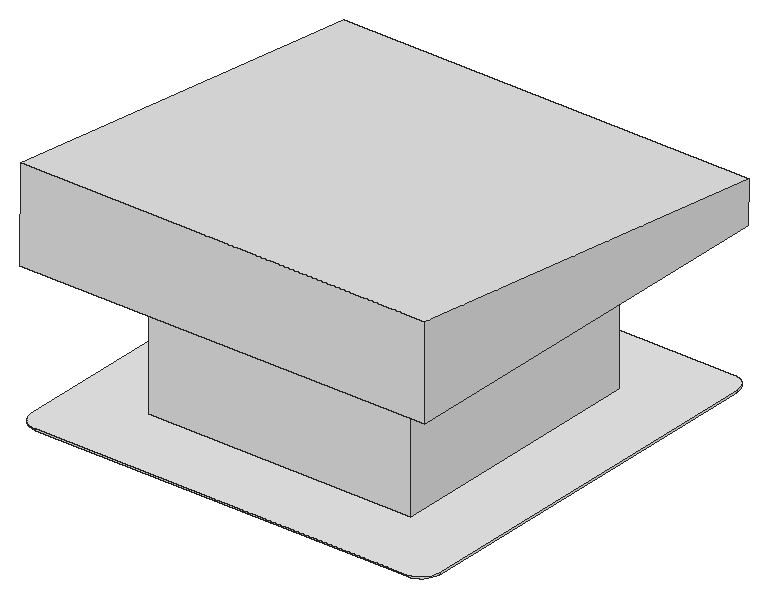
Revit family "Mechanical_Menzies-Metal_Built-Up-Roof-Flat-Top-Vent-TPO", category Mechanical Equipment, host Face, Revit 2018
Family settings
  Host = Face
  Round Connector Dimension = Use Diameter
  Part Type = Normal
  OmniClass Number = 23.70.50.21.24.11
  OmniClass Title = Roof Waste Water Drains
  Cut with Voids When Loaded = No
  Shared = No
  Room Calculation Point = No
Parameters (values of type "14 x 14")
  Width = 14"
  Weight = 10.95 lbf
  Waste Connection = no
  Vent Connection = no
  URL = "https://www.menzies-metal.com/tpo-products/bur-flat-top-vent-tpo/"
  Product data url = "https://www.bimobject.com/menzies-metal/product/built-up-roof-vent-tpo"
  Product Material = Metal - Menzies Metal Products - Aluminium TPO Coated
  Product Guid = "2799f1e7-5a87-41a4-ae29-f83a5cfc54c4"
  Model = "600-2142TPO"
  Manufacturer = "Menzies Metal Products"  # constant formula
  HW Connection = no
  Edition number = 1
  Drain Flow = 0 GPM
  Description = "Built Up Roof Flat Top Vent TPO"  # constant formula
  Depth = 14"
  Default Elevation = 48"
  CW Connection = no
  Assembly Code = "D2040200"
Reference planes (in)
  plane 1 "Center (Front/Back)": y = 0
  plane 2: z = 0
  plane 3 "Center (Left/Right)": x = 0
  plane 4: z = 0.05867
  plane 5: y = 7
  plane 6: y = -7
  plane 7: x = -7
  plane 8: x = 7
  plane 9: z = 0.09
  plane 10: z = 8.09
  plane 11: y = 10.91
  plane 12: y = -10.91
  plane 13: z = 12.7
  plane 14: x = 11
  plane 15: x = -11
  plane 16: x = -10.91579
  plane 17: x = 10.89
  plane 18: z = 7.69
  plane 19: y = 11
  plane 20: y = -11
  plane 21: z = 10
  plane 22: y = -10.91
  plane 23: y = 10.91
Forms (in)
  Extrusion 1, solid, material "Metal - Menzies Metal Products - Aluminium TPO Coated" <- "Product Material", detail levels medium+fine
    sketch origin (0, 0, 0) x (1, 0, 0) y (0, 1, 0)
      loop
        line (-7, 7) -> (-7, -7) -> (7, -7) -> (7, 7) -> (-7, 7)
      loop
        line (-7.11579, 7.09) -> (-7.11579, -7.09) -> (7.09, -7.09) -> (7.09, 7.09) -> (-7.11579, 7.09)
    from 0 to 8.09
  Extrusion 2, solid, material "Metal - Menzies Metal Products - Aluminium TPO Coated" <- "Product Material", detail levels medium+fine
    sketch origin (0, 0, 0) x (1, 0, 0) y (0, 1, 0)
      loop
        line (-7.11579, 7.09) -> (-7.11579, -7.09) -> (7.09, -7.09) -> (7.09, 7.09) -> (-7.11579, 7.09)
      loop
        line (10.09, 11.09) -> (-10.09, 11.09)
        arc (-10.09, 11.09) -> (-10.79711, 10.79711) -> (-11.09, 10.09) r 1
        line (-11.09, 10.09) -> (-11.09, -10.09)
        arc (-11.09, -10.09) -> (-10.79711, -10.79711) -> (-10.09, -11.09) r 1
        line (-10.09, -11.09) -> (10.09, -11.09)
        arc (10.09, -11.09) -> (10.79711, -10.79711) -> (11.09, -10.09) r 1
        line (11.09, -10.09) -> (11.09, 10.09)
        arc (11.09, 10.09) -> (10.79711, 10.79711) -> (10.09, 11.09) r 1
    from 0 to 0.09
  Extrusion 3, solid, material "Metal - Menzies Metal Products - Aluminium TPO Coated" <- "Product Material", detail levels medium+fine
    sketch origin (0, 0, 0) x (0, 1, 0) y (0, 0, 1)
      loop
        line (11, 10) -> (-11, 12.7) -> (-11, 7.69) -> (11, 7.69) -> (11, 10)
    from -11 to 11
  Extrusion 4, void
    sketch origin (0, 0, 0) x (0, 1, 0) y (0, 0, 1)
      loop
        line (10.91, 7.69) -> (10.91, 9.92037) -> (-10.91, 12.59828) -> (-10.91, 7.69) -> (10.91, 7.69)
    from -10.91579 to 10.89
  Extrusion 5, solid, material "Metal - Menzies Metal Products - Aluminium TPO Coated" <- "Product Material", detail levels coarse
    sketch origin (0, 0, 0) x (1, 0, 0) y (0, 1, 0)
      loop
        line (-11.09, 11.09) -> (-11.09, -11.09) -> (11.09, -11.09) -> (11.09, 11.09) -> (-11.09, 11.09)
    from 0 to 0.09
  Extrusion 6, solid, material "Metal - Menzies Metal Products - Aluminium TPO Coated" <- "Product Material", detail levels coarse
    sketch origin (0, 0, 0) x (1, 0, 0) y (0, 1, 0)
      loop
        line (-7.09, 7.09) -> (-7.09, -7.09) -> (7.09, -7.09) -> (7.09, 7.09) -> (-7.09, 7.09)
    from 0.09 to 8.09
  Extrusion 7, solid, material "Metal - Menzies Metal Products - Aluminium TPO Coated" <- "Product Material", detail levels coarse
    sketch origin (0, 0, 0) x (0, 1, 0) y (0, 0, 1)
      loop
        line (-11, 7.69) -> (11, 7.69) -> (11, 10) -> (-11, 12.7) -> (-11, 7.69)
    from -11 to 11
  Extrusion 8, solid, material "Metal - Menzies Metal Products - Aluminium TPO Coated" <- "Product Material", detail levels medium+fine
    sketch origin (0, 0, 0) x (1, 0, 0) y (0, 0, 1)
      loop
        line (-8, 8.09) -> (-6, 8.09) -> (-6, 8.69) -> (-8, 8.69) -> (-8, 8.09)
      loop
        line (6, 8.69) -> (6, 8.09) -> (8, 8.09) -> (8, 8.69) -> (6, 8.69)
    from -10.91 to 10.91
Cuts and joins
  joined: Extrusion 1, Extrusion 2
  Extrusion 4 cuts Extrusion 3
Lines and regions (in)
  Masking region 1, detail levels coarse
    outline origin (0, 0, 0) x (1, 0, 0) y (0, 1, 0)
      loop
        line (-11.09, 11.09) -> (-11.09, -11.09) -> (11.09, -11.09) -> (11.09, 11.09) -> (-11.09, 11.09)
  Masking region 2, detail levels medium+fine
    outline origin (0, 0, 0) x (1, 0, 0) y (0, 1, 0)
      loop
        arc (10.09, -11.09) -> (10.30213, -11.06724) -> (10.50461, -11) r 1
        line (10.50461, -11) -> (11, -11) -> (11, -10.50461)
        arc (11, -10.50461) -> (11.06724, -10.30213) -> (11.09, -10.09) r 1
        line (11.09, -10.09) -> (11.09, 10.09)
        arc (11.09, 10.09) -> (11.06724, 10.30213) -> (11, 10.50461) r 1
        line (11, 10.50461) -> (11, 11) -> (10.50461, 11)
        arc (10.50461, 11) -> (10.30213, 11.06724) -> (10.09, 11.09) r 1
        line (10.09, 11.09) -> (-10.09, 11.09)
        arc (-10.09, 11.09) -> (-10.30213, 11.06724) -> (-10.50461, 11) r 1
        line (-10.50461, 11) -> (-11, 11) -> (-11, 10.50461)
        arc (-11, 10.50461) -> (-11.06724, 10.30213) -> (-11.09, 10.09) r 1
        line (-11.09, 10.09) -> (-11.09, -10.09)
        arc (-11.09, -10.09) -> (-11.06724, -10.30213) -> (-11, -10.50461) r 1
        line (-11, -10.50461) -> (-11, -11) -> (-10.50461, -11)
        arc (-10.50461, -11) -> (-10.30213, -11.06724) -> (-10.09, -11.09) r 1
        line (-10.09, -11.09) -> (10.09, -11.09)
  symbolic lines
    curve 1: line (11, -11, 0) -> (11, 11, 0)
    curve 2: line (11, 11, 0) -> (-11, 11, 0)
    curve 3: line (-11, 11, 0) -> (-11, -11, 0)
    curve 4: line (-11, -11, 0) -> (11, -11, 0)
Dimensions and locks (in)
  locked: plane 4 to plane 2 at 0.05867
  equal spacing: plane 7, plane 3 "Center (Left/Right)", plane 8
  equal spacing: plane 5, plane 1 "Center (Front/Back)", plane 6
  Extrusion 2 sketch curve to Extrusion 1 = 3.97421"
  Extrusion 1 to Extrusion 2 sketch curve = 4"
  equal spacing: Extrusion 2 sketch curve, plane 1 "Center (Front/Back)", Extrusion 2 sketch curve
  equal spacing: Extrusion 2 sketch curve, plane 3 "Center (Left/Right)", Extrusion 2 sketch curve
  Extrusion 2 sketch curve to Extrusion 1 = 4"  (x2)
  plane 10 to level = 8.09"
  "Width": plane 7 to plane 8
  "Depth": plane 5 to plane 6
  equal spacing: plane 11, plane 1 "Center (Front/Back)", plane 12
  plane 8 to plane 14 = 4"
  plane 15 to plane 7 = 4"
  plane 15 to plane 16 = 0.08421"
  plane 17 to plane 14 = 0.11"
  plane 10 to plane 18 = 0.4"
  equal spacing: Extrusion 7 sketch curve, plane 1 "Center (Front/Back)", Extrusion 7 sketch curve
  plane 11 to plane 5 = 3.91"
  plane 19 to plane 5 = 4"  (x2)
  plane 6 to plane 20 = 4"
  plane 6 to plane 12 = 3.91"
  plane 20 to plane 6 = 4"
  Extrusion 4 sketch curve to plane 6 = 3.91"
  cut or joined group of Extrusion 3, Extrusion 4 to Extrusion 4 sketch curve = 0.09"
  equal spacing: Extrusion 8 sketch curve, plane 7, Extrusion 8 sketch curve
  equal spacing: Extrusion 8 sketch curve, plane 8, Extrusion 8 sketch curve
  plane 6 to plane 22 = 3.91"
  plane 23 to plane 5 = 3.91"
  aligned and locked: plane 2 to host face
  aligned and locked: level to host face
  aligned and locked: Extrusion 1 sketch curve to plane 5
  aligned and locked: Extrusion 1 sketch curve to plane 7
  aligned and locked: Extrusion 1 sketch curve to plane 6
  aligned and locked: Extrusion 1 sketch curve to plane 8
  aligned and locked: Extrusion 1 to level
  aligned and locked: Extrusion 2 sketch curve to Extrusion 1  (x4)
  aligned and locked: plane 9 to Extrusion 2
  aligned and locked: plane 10 to cut or joined group of Extrusion 1, Extrusion 2
  aligned and locked: plane 15 to Extrusion 3
  aligned and locked: plane 14 to Extrusion 3
  aligned and locked: Extrusion 4 to plane 17
  aligned and locked: plane 16 to Extrusion 4
  aligned and locked: Extrusion 5 sketch curve to cut or joined group of Extrusion 1, Extrusion 2  (x4)
  aligned and locked: plane 9 to Extrusion 5
  aligned and locked: cut or joined group of Extrusion 1, Extrusion 2 to Extrusion 6 sketch curve  (x2)
  aligned and locked: Extrusion 6 to plane 9
  aligned and locked: cut or joined group of Extrusion 1, Extrusion 2 to Extrusion 6
  aligned and locked: plane 15 to Extrusion 7
  aligned and locked: plane 14 to Extrusion 7
  aligned and locked: plane 20 to Extrusion 3 sketch curve
  aligned and locked: plane 13 to Extrusion 3 sketch curve
  aligned and locked: Extrusion 3 sketch curve to plane 19
  aligned and locked: plane 10 to Extrusion 8 sketch curve
  aligned and locked: Extrusion 8 sketch curve to Extrusion 6
  aligned and locked: Extrusion 8 sketch curve to Extrusion 8 sketch curve
  aligned and locked: plane 22 to cut or joined group of Extrusion 3, Extrusion 4
  aligned and locked: plane 22 to Extrusion 8
  aligned and locked: Extrusion 8 to plane 23
  aligned and locked: Extrusion 4 sketch curve to plane 23
  aligned and locked: Masking region 1 sketch curve to Extrusion 5  (x4)
  aligned and locked: Masking region 2 sketch curve to cut or joined group of Extrusion 1, Extrusion 2  (x5)
  aligned and locked: Masking region 2 sketch curve to cut or joined group of Extrusion 3, Extrusion 4  (x4)
  aligned and locked: cut or joined group of Extrusion 3, Extrusion 4 to Masking region 2 sketch curve  (x3)
  aligned and locked: curve 1 to cut or joined group of Extrusion 3, Extrusion 4
  aligned and locked: curve 2 to cut or joined group of Extrusion 3, Extrusion 4
  aligned and locked: curve 3 to cut or joined group of Extrusion 3, Extrusion 4
  aligned and locked: curve 4 to cut or joined group of Extrusion 3, Extrusion 4
Automatic sketch dimensions
  host sketch curve to host sketch curve = 94.66418"
  host sketch curve to host sketch curve = 96"
  Extrusion 1 sketch curve to plane 7 = 0.11579"
  Extrusion 1 sketch curve to plane 8 = 0.09"
  plane 6 to Extrusion 1 sketch curve = 0.09"
  plane 5 to Extrusion 1 sketch curve = 0.09"
  Extrusion 2 sketch curve to Extrusion 2 sketch curve = 1"  (x4)
  Extrusion 6 sketch curve to plane 7 = 0.09"
  Extrusion 6 sketch curve to plane 8 = 0.09"
  Extrusion 7 sketch curve to plane 10 = 0.4"
  plane 6 to Extrusion 7 sketch curve = 4"
  plane 10 to Extrusion 7 sketch curve = 1.91"
  plane 10 to Extrusion 7 sketch curve = 4.61"
  plane 18 to Extrusion 3 sketch curve = 0"
  Extrusion 3 sketch curve to plane 21 = 0"
  Extrusion 8 sketch curve to plane 7 = 1"
  plane 8 to Extrusion 8 sketch curve = 1"
  Extrusion 8 sketch curve to Extrusion 8 sketch curve = 0.6"
  Extrusion 4 sketch curve to plane 10 = 0.4"
  Masking region 2 sketch curve to Masking region 2 sketch curve = 0"  (x8)
  Masking region 2 sketch curve to plane 15 = 0"
Connectors (in)
  hvac at (0, 0, 0), driven by "Depth", driven by "Width"
    settings: on cut or joined group of Extrusion 1, Extrusion 2, index 1, duct flow 0 CFM, flow factor 0, pres drop 0.00 in-wg, loss coef 0, conn angle 0.00°, conn width 14", conn height 14", conn diameter 24", duct sys type 1, conn prof type 1, flow config 0, flow direction 0, loss method 0, conn ref index -1, conn util no, is conn primary yes, conn desc ""
